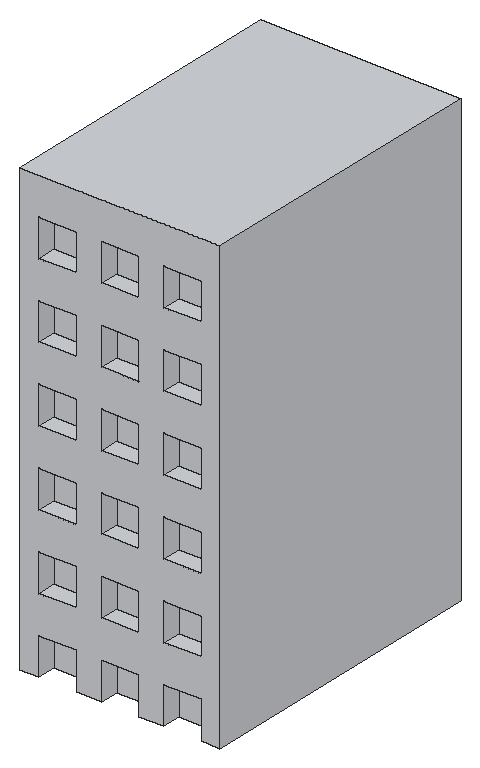
Revit family "House", category Generic Models, Revit 2022
Family settings
  Can host rebar = No
  Round Connector Dimension = Use Diameter
  Part Type = Normal
  Work Plane-Based = Yes
  Always vertical = Yes
  Cut with Voids When Loaded = No
  Maintain Annotation Orientation = No
  Shared = Yes
  Room Calculation Point = No
Parameters
  level_3 [instance] = level = 3  # yes
  level_2 [instance] = level = 2  # no
  level_1 [instance] = level = 1  # no
  level_0 [instance] = level = 0  # no
  level [instance] = 3
  accent_color [instance] = none
  Default Elevation = 1219.2 mm
Reference planes
  plane 1 "Center (Front/Back)": y = 0
  plane 2: z = 0
  plane 3 "Center (Left/Right)": x = 0
Forms (mm)
  Extrusion 1, solid, material <- "accent_color", visible <- "level_1"
    sketch origin (0, 0, 0) x (1, 0, 0) y (0, 0, 1)
      loop
        line (-400, 0) -> (400, 0) -> (400, 600) -> (0, 1000) -> (-400, 600) -> (-400, 0)
    from -600 to 600
  Extrusion 2, solid, material <- "accent_color", visible <- "level_2"
    sketch origin (0, 0, 0) x (1, 0, 0) y (0, 0, 1)
      loop
        line (-400, 0) -> (400, 0) -> (400, 600) -> (0, 1000) -> (-400, 600) -> (-400, 0)
    from -600 to 600
  Extrusion 3, solid, material <- "accent_color", visible <- "level_2"
    sketch origin (0, 0, 400) x (1, 0, 0) y (0, 0, 1)
      loop
        line (-268.852, 140.207) -> (268.852, 140.207) -> (268.852, 731.148) -> (0, 1000) -> (-268.852, 731.148) -> (-268.852, 140.207)
    from -416.81 to 466.187
  Extrusion 4, solid, material <- "accent_color", visible <- "level_3"
    sketch origin (0, 0, 0) x (1, 0, 0) y (0, 1, 0)
      loop
        line (-400, 600) -> (-400, -600) -> (400, -600) -> (400, 600) -> (-400, 600)
    from 0 to 1800
  Extrusion 5, void
    sketch origin (0, 0, 0) x (1, 0, 0) y (0, 0, 1)
      loop
        line (325, 1650) -> (175, 1650) -> (175, 1500) -> (325, 1500) -> (325, 1650)
      loop
        line (75, 1650) -> (-75, 1650) -> (-75, 1500) -> (75, 1500) -> (75, 1650)
      loop
        line (-175, 1650) -> (-325, 1650) -> (-325, 1500) -> (-175, 1500) -> (-175, 1650)
      loop
        line (325, 1350) -> (175, 1350) -> (175, 1200) -> (325, 1200) -> (325, 1350)
      loop
        line (75, 1350) -> (-75, 1350) -> (-75, 1200) -> (75, 1200) -> (75, 1350)
      loop
        line (-175, 1350) -> (-325, 1350) -> (-325, 1200) -> (-175, 1200) -> (-175, 1350)
      loop
        line (325, 1050) -> (175, 1050) -> (175, 900) -> (325, 900) -> (325, 1050)
      loop
        line (75, 1050) -> (-75, 1050) -> (-75, 900) -> (75, 900) -> (75, 1050)
      loop
        line (-175, 1050) -> (-325, 1050) -> (-325, 900) -> (-175, 900) -> (-175, 1050)
      loop
        line (325, 750) -> (175, 750) -> (175, 600) -> (325, 600) -> (325, 750)
      loop
        line (75, 750) -> (-75, 750) -> (-75, 600) -> (75, 600) -> (75, 750)
      loop
        line (-175, 750) -> (-325, 750) -> (-325, 600) -> (-175, 600) -> (-175, 750)
      loop
        line (325, 450) -> (175, 450) -> (175, 300) -> (325, 300) -> (325, 450)
      loop
        line (75, 450) -> (-75, 450) -> (-75, 300) -> (75, 300) -> (75, 450)
      loop
        line (-175, 450) -> (-325, 450) -> (-325, 300) -> (-175, 300) -> (-175, 450)
      loop
        line (325, 150) -> (175, 150) -> (175, 0) -> (325, 0) -> (325, 150)
      loop
        line (75, 150) -> (-75, 150) -> (-75, 0) -> (75, 0) -> (75, 150)
      loop
        line (-175, 150) -> (-325, 150) -> (-325, 0) -> (-175, 0) -> (-175, 150)
    from 525.061 to 994.163
Cuts and joins
  Extrusion 5 cuts Extrusion 3
  joined: Extrusion 2, Extrusion 3
  Extrusion 5 cuts Extrusion 4
Lines and regions (mm)
  model lines, style "property_line", visible <- "level_0"
    curve 1: line (-400, 600, 0) -> (400, 600, 0)
    curve 2: line (-400, -600, 0) -> (-400, 600, 0)
    curve 3: line (400, -600, 0) -> (-400, -600, 0)
    curve 4: line (400, 600, 0) -> (400, -600, 0)
Dimensions and locks
  equal spacing: Extrusion 1 sketch curve, plane 3 "Center (Left/Right)", Extrusion 1 sketch curve
  Extrusion 1 sketch curve to plane 3 "Center (Left/Right)" = 400 mm
  Extrusion 2 sketch curve to Extrusion 2 sketch curve = 800 mm
  Extrusion 3 sketch curve to Extrusion 3 sketch curve = 537.705 mm
  aligned and locked: level to plane 2
